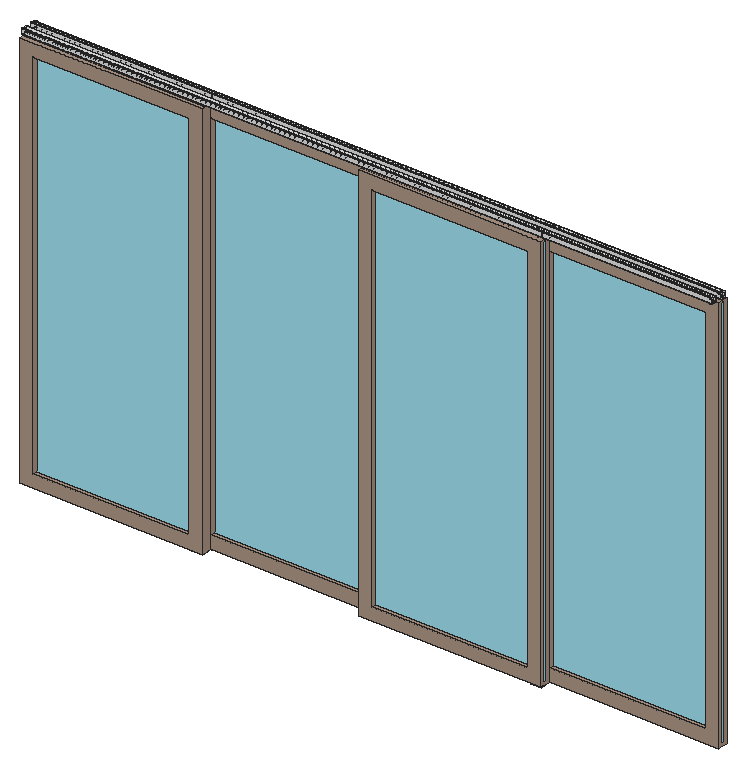
Revit family "4 Panel Slide SB4 XRDLP", category Doors, host Wall, Revit 2016
Family settings
  Host = Wall
  Always vertical = Yes
  Cut with Voids When Loaded = No
  Shared = No
  Room Calculation Point = No
Parameters (values of type "159"x 94 1/8"")
  URL = "www.raydoor.com"
  Type Image = SB4.jpg
  Thickness = 2 1/4"  # constant formula
  Rough Width = 1"  # constant formula
  Rough Height = 1" / 4  # 1/4"
  Model = "SB4"
  Function = Interior
  Door Material = Door - Panel
  Panel Material = Glass, Cast, Gray
  Height = 94 1/8"
  Trim Projection Ext = 63/64"  # constant formula
  Typ = 3"  # constant formula
  Wall Closure = By host
  Width = 159"
  Assembly Code = "SB4 XRDLP"
Reference planes (in)
  plane 1: y = 0
  plane 2: z = 0
  plane 3: x = 0
  plane 4: x = -79.5
  plane 5: x = 79.5
  plane 6: z = 94.125
  plane 7: z = 92.9375
  plane 8: x = 76.5
  plane 9: x = 78
  plane 10: x = -1.50001
  plane 11: x = -0.00001
  plane 12: x = 1.49999
  plane 13: x = -78
  plane 14: x = -76.5
  plane 15: y = 0.125
  plane 16: y = -2.375
  plane 17: y = 2.375
  plane 18: y = -0.125
  plane 19: x = -39
  plane 20: x = -37.5
  plane 21: x = -40.5
  plane 22: x = 39
  plane 23: x = 40.5
  plane 24: x = 37.5
Forms (in)
  Extrusion 1, solid, material "Door - Panel" <- "Door Material"
    sketch origin (-58, 2.62273, 0.25) x (1, 0, 0) y (0, 0, 1)
      loop
        line (56.49999, 92.125) -> (56.49999, 0.125) -> (98.5, 0.125) -> (98.5, 92.125) -> (56.49999, 92.125)
      loop
        line (59.49999, 89.125) -> (59.49999, 3.125) -> (95.5, 3.125) -> (95.5, 89.125) -> (59.49999, 89.125)
    from 2.74773 to 4.99609
  Extrusion 2, solid, material "Glass, Cast, Gray" <- "Panel Material"
    sketch origin (-57.74997, -27.47932, 0.25) x (1, 0, 0) y (0, 0, 1)
      loop
        line (56.24997, 92.125) -> (56.24997, 1) -> (98.24997, 1) -> (98.24997, 92.125) -> (56.24997, 92.125)
    from -26.35104 to -26.10268
  Extrusion 3, void
    sketch origin (-58, -9.64385, -90.75) x (1, 0, 0) y (0, 0, 1)
      loop
        line (56.49999, 92) -> (56.49999, 91.125) -> (98.5, 91.125) -> (98.5, 92) -> (56.49999, 92)
    from -8.51721 to -8.26885
  Extrusion 4, solid, material "Door - Panel" <- "Door Material"
    sketch origin (-99, 0.3721, 0.25) x (1, 0, 0) y (0, 0, 1)
      loop
        line (19.5, 92.125) -> (19.5, 0.125) -> (61.5, 0.125) -> (61.5, 92.125) -> (19.5, 92.125)
      loop
        line (22.5, 89.125) -> (22.5, 3.125) -> (58.5, 3.125) -> (58.5, 89.125) -> (22.5, 89.125)
    from 0.49874 to 2.7471
  Extrusion 5, solid, material "Glass, Cast, Gray" <- "Panel Material"
    sketch origin (-98.99995, -7.34164, 0.25) x (1, 0, 0) y (0, 0, 1)
      loop
        line (19.49995, 92.125) -> (19.49995, 1) -> (61.49995, 1) -> (61.49995, 92.125) -> (19.49995, 92.125)
    from -6.215 to -5.96664
  Extrusion 6, void
    sketch origin (-99, -14.51721, -90.75) x (1, 0, 0) y (0, 0, 1)
      loop
        line (19.5, 92) -> (19.5, 91.125) -> (61.5, 91.125) -> (61.5, 92) -> (19.5, 92)
    from -13.39057 to -13.14221
  Extrusion 7, solid, material "UHMW, White", detail levels medium+fine
    sketch origin (49.2777, -1.73342, 0.25) x (0, 1, 0) y (0, 0, 1)
      loop
        line (1.16928, -0.25) -> (1.16928, -0.0625) -> (0.60678, -0.0625) -> (0.60678, 0.75) -> (0.41928, 0.75) -> (0.41928, -0.0625) -> (-0.14322, -0.0625) -> (-0.14322, -0.25) -> (1.16928, -0.25)
      loop
        line (-0.04289, 93.65625) -> (-0.04289, 92.85447) -> (1.00562, 92.85447) -> (1.00562, 93.65625) -> (-0.04289, 93.65625)
    from -89.5277 to -87.0277
  Extrusion 8, solid, material "UHMW, White", detail levels medium+fine
    sketch origin (49.4027, 0.76658, 0.25) x (0, 1, 0) y (0, 0, 1)
      loop
        line (1.16928, -0.25) -> (1.16928, -0.0625) -> (0.60678, -0.0625) -> (0.60678, 0.75) -> (0.41928, 0.75) -> (0.41928, -0.0625) -> (-0.14322, -0.0625) -> (-0.14322, -0.25) -> (1.16928, -0.25)
      loop
        line (-0.04125, 93.65625) -> (-0.04125, 92.85447) -> (1.00726, 92.85447) -> (1.00726, 93.65625) -> (-0.04125, 93.65625)
    from -89.6527 to -87.1527
  Extrusion 9, solid, material "UHMW, White"
    sketch origin (0, 42.66856, -9.0893) x (0, 1, 0) y (0, 0, 1)
      loop
        line (-40.98125, 103.19868) -> (-41.00944, 103.2143) -> (-41.82807, 103.2143) -> (-41.85625, 103.19868)
        arc (-41.85625, 103.19868) -> (-41.80157, 103.14399) -> (-41.85625, 103.0893) r 0.05469
        line (-41.85625, 103.0893) -> (-41.98125, 103.0893)
        arc (-41.98125, 103.0893) -> (-42.00335, 103.08015) -> (-42.0125, 103.05805) r 0.03125
        line (-42.0125, 103.05805) -> (-42.0125, 102.01916)
        arc (-42.0125, 102.01916) -> (-42.00619, 102.00031) -> (-41.9898, 101.98907) r 0.0313
        line (-41.9898, 101.98907) -> (-41.79375, 101.93305) -> (-41.69219, 101.93305)
        arc (-41.69219, 101.93305) -> (-41.67401, 101.9417) -> (-41.66924, 101.96126) r 0.02344
        arc (-41.66924, 101.96126) -> (-41.67141, 101.97686) -> (-41.68296, 101.98757) r 0.02344
        line (-41.68296, 101.98757) -> (-41.93438, 102.0594) -> (-41.93438, 102.13127) -> (-41.95, 102.19377) -> (-41.95, 102.99555) -> (-41.80157, 103.006) -> (-41.70968, 103.12055) -> (-41.12783, 103.12055) -> (-41.03594, 103.006) -> (-40.8875, 102.99555) -> (-40.8875, 102.19377) -> (-40.90313, 102.13127) -> (-40.90313, 102.0594) -> (-41.15455, 101.98757)
        arc (-41.15455, 101.98757) -> (-41.1661, 101.97686) -> (-41.16826, 101.96126) r 0.02344
        arc (-41.16826, 101.96126) -> (-41.1635, 101.9417) -> (-41.14532, 101.93305) r 0.02344
        line (-41.14532, 101.93305) -> (-41.04375, 101.93305) -> (-40.84771, 101.98907)
        arc (-40.84771, 101.98907) -> (-40.83132, 102.00031) -> (-40.825, 102.01916) r 0.0313
        line (-40.825, 102.01916) -> (-40.825, 103.05805)
        arc (-40.825, 103.05805) -> (-40.83416, 103.08015) -> (-40.85625, 103.0893) r 0.03125
        line (-40.85625, 103.0893) -> (-40.98125, 103.0893)
        arc (-40.98125, 103.0893) -> (-41.03594, 103.14399) -> (-40.98125, 103.19868) r 0.05469
    from -79.5 to 79.5
  Extrusion 10, solid, material "UHMW, White"
    sketch origin (-41.44048, 1.65912, 94.125) x (0, -1, 0) y (1, 0, 0)
      loop
        circle (2.90868, 80.44048) r 0.125
    from -1.75 to -0.09375
  Extrusion 11, solid, material "UHMW, White"
    sketch origin (0, 40.4202, -9.0893) x (0, 1, 0) y (0, 0, 1)
      loop
        line (-41.23289, 103.19868) -> (-41.26108, 103.2143) -> (-42.07971, 103.2143) -> (-42.10789, 103.19868)
        arc (-42.10789, 103.19868) -> (-42.05321, 103.14399) -> (-42.10789, 103.0893) r 0.05469
        line (-42.10789, 103.0893) -> (-42.23289, 103.0893)
        arc (-42.23289, 103.0893) -> (-42.25499, 103.08015) -> (-42.26414, 103.05805) r 0.03125
        line (-42.26414, 103.05805) -> (-42.26414, 102.01916)
        arc (-42.26414, 102.01916) -> (-42.25783, 102.00031) -> (-42.24144, 101.98907) r 0.0313
        line (-42.24144, 101.98907) -> (-42.04539, 101.93305) -> (-41.94383, 101.93305)
        arc (-41.94383, 101.93305) -> (-41.92565, 101.9417) -> (-41.92088, 101.96126) r 0.02344
        arc (-41.92088, 101.96126) -> (-41.92305, 101.97686) -> (-41.9346, 101.98757) r 0.02344
        line (-41.9346, 101.98757) -> (-42.18602, 102.0594) -> (-42.18602, 102.13127) -> (-42.20164, 102.19377) -> (-42.20164, 102.99555) -> (-42.05321, 103.006) -> (-41.96132, 103.12055) -> (-41.37947, 103.12055) -> (-41.28758, 103.006) -> (-41.13914, 102.99555) -> (-41.13914, 102.19377) -> (-41.15477, 102.13127) -> (-41.15477, 102.0594) -> (-41.40619, 101.98757)
        arc (-41.40619, 101.98757) -> (-41.41774, 101.97686) -> (-41.4199, 101.96126) r 0.02344
        arc (-41.4199, 101.96126) -> (-41.41514, 101.9417) -> (-41.39696, 101.93305) r 0.02344
        line (-41.39696, 101.93305) -> (-41.29539, 101.93305) -> (-41.09935, 101.98907)
        arc (-41.09935, 101.98907) -> (-41.08296, 102.00031) -> (-41.07664, 102.01916) r 0.0313
        line (-41.07664, 102.01916) -> (-41.07664, 103.05805)
        arc (-41.07664, 103.05805) -> (-41.0858, 103.08015) -> (-41.10789, 103.0893) r 0.03125
        line (-41.10789, 103.0893) -> (-41.23289, 103.0893)
        arc (-41.23289, 103.0893) -> (-41.28758, 103.14399) -> (-41.23289, 103.19868) r 0.05469
    from -79.5 to 79.5
  Extrusion 12, solid, material "UHMW, White"
    sketch origin (-92.86615, -11.16274, 94.125) x (0, -1, 0) y (1, 0, 0)
      loop
        circle (-12.41356, 53.86615) r 0.125
    from -1.75 to 0
  Extrusion 13, solid, material "Door - Panel" <- "Door Material"
    sketch origin (-99, 2.87047, 0.25) x (1, 0, 0) y (0, 0, 1)
      loop
        line (58.5, 92.125) -> (58.5, 0.125) -> (100.49999, 0.125) -> (100.49999, 92.125) -> (58.5, 92.125)
      loop
        line (61.5, 89.125) -> (61.5, 3.125) -> (97.49999, 3.125) -> (97.49999, 89.125) -> (61.5, 89.125)
    from 0.4971 to 2.74547
  Extrusion 14, solid, material "Glass, Cast, Gray" <- "Panel Material"
    sketch origin (-98.99995, -4.84328, 0.25) x (1, 0, 0) y (0, 0, 1)
      loop
        line (58.49995, 92.125) -> (58.49995, 1) -> (100.49994, 1) -> (100.49994, 92.125) -> (58.49995, 92.125)
    from -6.21664 to -5.96828
  Extrusion 15, void
    sketch origin (-99, -12.01885, -90.75) x (1, 0, 0) y (0, 0, 1)
      loop
        line (58.5, 92) -> (58.5, 91.125) -> (100.49999, 91.125) -> (100.49999, 92) -> (58.5, 92)
    from -13.39221 to -13.14385
  Extrusion 16, solid, material "Door - Panel" <- "Door Material"
    sketch origin (-67, 2.87047, 0.25) x (1, 0, 0) y (0, 0, 1)
      loop
        line (104.5, 92.125) -> (104.5, 0.125) -> (146.5, 0.125) -> (146.5, 92.125) -> (104.5, 92.125)
      loop
        line (107.5, 89.125) -> (107.5, 3.125) -> (143.5, 3.125) -> (143.5, 89.125) -> (107.5, 89.125)
    from 0.4971 to 2.74547
  Extrusion 17, solid, material "Glass, Cast, Gray" <- "Panel Material"
    sketch origin (-66.99995, -4.59328, 0.25) x (1, 0, 0) y (0, 0, 1)
      loop
        line (104.49995, 92.125) -> (104.49995, 1) -> (146.49995, 1) -> (146.49995, 92.125) -> (104.49995, 92.125)
    from -5.96664 to -5.71828
  Extrusion 18, void
    sketch origin (-67, -12.01885, -90.75) x (1, 0, 0) y (0, 0, 1)
      loop
        line (104.5, 92) -> (104.5, 91.125) -> (146.5, 91.125) -> (146.5, 92) -> (104.5, 92)
    from -13.39221 to -13.14385
  Extrusion 19, solid, material "UHMW, White", detail levels medium+fine
    sketch origin (127.2777, 0.76658, 0.25) x (0, 1, 0) y (0, 0, 1)
      loop
        line (1.16928, -0.25) -> (1.16928, -0.0625) -> (0.60678, -0.0625) -> (0.60678, 0.75) -> (0.41928, 0.75) -> (0.41928, -0.0625) -> (-0.14322, -0.0625) -> (-0.14322, -0.25) -> (1.16928, -0.25)
      loop
        line (-0.04125, 93.65625) -> (-0.04125, 92.85447) -> (1.00726, 92.85447) -> (1.00726, 93.65625) -> (-0.04125, 93.65625)
    from -89.5277 to -87.0277
  Extrusion 20, solid, material "UHMW, White", detail levels medium+fine
    sketch origin (127.2777, -1.73342, 0.25) x (0, 1, 0) y (0, 0, 1)
      loop
        line (1.16928, -0.25) -> (1.16928, -0.0625) -> (0.60678, -0.0625) -> (0.60678, 0.75) -> (0.41928, 0.75) -> (0.41928, -0.0625) -> (-0.14322, -0.0625) -> (-0.14322, -0.25) -> (1.16928, -0.25)
      loop
        line (-0.04289, 93.65625) -> (-0.04289, 92.85447) -> (1.00562, 92.85447) -> (1.00562, 93.65625) -> (-0.04289, 93.65625)
    from -89.5277 to -87.0277
Cuts and joins
  Extrusion 3 cuts Extrusion 1
  Extrusion 3 cuts Extrusion 2
  Extrusion 6, Extrusion 15 cuts Extrusion 4
  Extrusion 6, Extrusion 15 cuts Extrusion 5
  Extrusion 15, Extrusion 18 cuts Extrusion 13
  Extrusion 15, Extrusion 18 cuts Extrusion 14
  Extrusion 18 cuts Extrusion 8
  Extrusion 18 cuts Extrusion 16
  Extrusion 18 cuts Extrusion 17
Lines and regions (in)
  Opening 1
    outline origin (-60, -2.99773, 144) x (0, 0, -1) y (1, 0, 0)
      loop
        line (49.875, -19.5) -> (144, -19.5) -> (144, 139.5) -> (49.875, 139.5) -> (49.875, -19.5)
  Masking region 1
    outline origin (-7.24693, 27.04592, 0) x (1, 0, 0) y (0, 1, 0)
      loop
        line (-30.25307, -29.42092) -> (-30.25307, -27.17092) -> (-72.25307, -27.17092) -> (-72.25307, -29.42092) -> (-30.25307, -29.42092)
  Masking region 2
    outline origin (-7.24693, 29.28975, 0) x (1, 0, 0) y (0, 1, 0)
      loop
        line (-30.25307, -29.16475) -> (-30.25307, -26.91475) -> (-72.25307, -26.91475) -> (-72.25307, -29.16475) -> (-30.25307, -29.16475)
  Masking region 3
    outline origin (41.75307, 34.80676, 0) x (1, 0, 0) y (0, 1, 0)
      loop
        line (37.74693, -37.18176) -> (37.74693, -34.93176) -> (-4.25307, -34.93176) -> (-4.25307, -37.18176) -> (37.74693, -37.18176)
  Masking region 4
    outline origin (41.75307, 37.05059, 0) x (1, 0, 0) y (0, 1, 0)
      loop
        line (37.74693, -36.92559) -> (37.74693, -34.67559) -> (-4.25307, -34.67559) -> (-4.25307, -36.92559) -> (37.74693, -36.92559)
  symbolic lines, style "Elevation Swing"
    curve 1: line (-29.5, 0, 37.98833) -> (-9.5, 0, 37.98833)
    curve 2: line (-9.5, 0, 32.79755) -> (-29.5, 0, 32.79755)
    curve 3: line (-29.5, 0, 37.98833) -> (-21.38007, 0, 40.48833)
    curve 4: line (-14.69616, 0, 29.79755) -> (-9.5, 0, 32.79755)
    curve 14: line (9.5, 0, 37.98833) -> (29.5, 0, 37.98833)
    curve 15: line (29.5, 0, 32.79755) -> (9.5, 0, 32.79755)
    curve 16: line (9.5, 0, 37.98833) -> (17.61992, 0, 40.48833)
    curve 17: line (24.30384, 0, 29.79755) -> (29.5, 0, 32.79755)
  symbolic lines, style "Plan Swing"
    curve 5: line (29.5, -14.55138, 0) -> (9.5, -14.55138, 0)
    curve 6: line (9.5, -14.55138, 0) -> (11.62132, -12.43006, 0)
    curve 7: line (29.5, -16.07036, 0) -> (8.71019, -16.07036, 0)
    curve 8: line (27.37868, -18.19168, 0) -> (29.5, -16.07036, 0)
    curve 10: line (-9.50001, -14.55138, 0) -> (-29.50001, -14.55138, 0)
    curve 11: line (-29.50001, -14.55138, 0) -> (-27.37869, -12.43006, 0)
    curve 12: line (-9.50001, -16.07036, 0) -> (-30.28981, -16.07036, 0)
    curve 13: line (-11.62133, -18.19168, 0) -> (-9.50001, -16.07036, 0)
  model lines
    curve 9: line (-79.5, 3.00227, 0) -> (79.5, 3.00227, 0)
Dimensions and locks (in)
  equal spacing: plane 4, plane 3, plane 5
  "Width": plane 4 to plane 5
  "Height": plane 6 to plane 2
  locked: plane 6 to plane 7 at 1.1875
  equal spacing: plane 8, plane 9, plane 5, locked at 1.5 each
  "Typ": plane 8 to plane 5
  equal spacing: plane 10, plane 11, plane 12, locked at 1.5 each
  "Typ": plane 10 to plane 12
  equal spacing: plane 11, plane 22, plane 9
  equal spacing: plane 13, plane 19, plane 11
  "Typ": Extrusion 1 sketch curve to Extrusion 1 sketch curve  (x2)
  locked: Extrusion 2 to Extrusion 2 at 0.24836
  locked: Extrusion 2 sketch curve to Extrusion 1 at 0.875
  locked: Extrusion 3 to Extrusion 3 at 0.24836
  "Typ": Extrusion 4 sketch curve to Extrusion 4 sketch curve  (x2)
  locked: Extrusion 5 to Extrusion 5 at 0.24836
  locked: Extrusion 4 to Extrusion 5 at 1
  locked: Extrusion 5 sketch curve to Extrusion 4 at 0.875
  locked: Extrusion 6 to Extrusion 6 at 0.24836
  locked: plane 15 to plane 18 at 0.25
  "Typ": plane 4 to plane 14
  "Thickness": plane 17 to plane 15
  "Thickness": plane 18 to plane 16
  equal spacing: plane 4, plane 13, plane 14
  locked: Extrusion 7 to Extrusion 7 at 2.5  (x2)
  Extrusion 7 sketch curve to Extrusion 7 sketch curve = 3/16"
  locked: Extrusion 7 sketch curve to Extrusion 7 sketch curve at 0.5625  (x2)
  locked: Extrusion 7 sketch curve to Extrusion 7 sketch curve at 0.1875
  locked: Extrusion 8 to Extrusion 8 at 2.5
  Extrusion 8 sketch curve to Extrusion 8 sketch curve = 3/16"
  locked: Extrusion 8 sketch curve to Extrusion 8 sketch curve at 0.5625  (x2)
  locked: Extrusion 8 sketch curve to Extrusion 8 sketch curve at 0.1875
  locked: cut or joined group of Extrusion 2, Extrusion 3 to plane 16 at 0.99836
  locked: plane 17 to Extrusion 12 sketch curve at 1.24918
  locked: Extrusion 10 sketch curve to plane 16 at 1.00044
  equal spacing: plane 21, plane 19, plane 20
  "Typ": plane 21 to plane 20
  equal spacing: plane 24, plane 22, plane 23
  "Typ": plane 24 to plane 23
  locked: plane 16 to cut or joined group of Extrusion 2, Extrusion 3 at 0.99836
  locked: cut or joined group of Extrusion 2, Extrusion 3 to plane 18 at 1.00164
  locked: cut or joined group of Extrusion 2, Extrusion 3 to cut or joined group of Extrusion 2, Extrusion 3 at 0.24836
  "Typ": Extrusion 13 sketch curve to Extrusion 13 sketch curve  (x2)
  locked: Extrusion 14 to Extrusion 14 at 0.24836
  locked: Extrusion 13 to Extrusion 14 at 1
  locked: Extrusion 14 sketch curve to Extrusion 13 at 0.875
  locked: Extrusion 15 to Extrusion 15 at 0.24836
  locked: cut or joined group of Extrusion 14, Extrusion 15, Extrusion 18 to plane 15 at 1
  "Typ": Extrusion 16 sketch curve to Extrusion 16 sketch curve  (x2)
  locked: Extrusion 17 to Extrusion 17 at 0.24836
  locked: Extrusion 16 to Extrusion 17 at 1
  locked: Extrusion 17 sketch curve to Extrusion 16 at 0.875
  locked: Extrusion 18 to Extrusion 18 at 0.24836
  locked: Extrusion 10 sketch curve to plane 23 at 1.375
  "Rough Height": plane 21 to Extrusion 7
  locked: Extrusion 19 to Extrusion 19 at 2.5
  Extrusion 19 sketch curve to Extrusion 19 sketch curve = 3/16"
  locked: Extrusion 19 sketch curve to Extrusion 19 sketch curve at 0.5625  (x2)
  locked: Extrusion 19 sketch curve to Extrusion 19 sketch curve at 0.1875
  "Rough Height": plane 24 to Extrusion 19
  locked: Extrusion 20 to Extrusion 20 at 2.5  (x2)
  Extrusion 20 sketch curve to Extrusion 20 sketch curve = 3/16"
  locked: Extrusion 20 sketch curve to Extrusion 20 sketch curve at 0.5625  (x2)
  locked: Extrusion 20 sketch curve to Extrusion 20 sketch curve at 0.1875
  "Rough Height": plane 24 to Extrusion 20
  "Rough Height": plane 20 to cut or joined group of Extrusion 8, Extrusion 18
  diameter of Extrusion 10 sketch curve = 1/4"
  diameter of Extrusion 12 sketch curve = 1/4"
  aligned and locked: plane 5 to curve 9
  aligned and locked: Opening 1 sketch curve to plane 5
  aligned and locked: Opening 1 sketch curve to plane 4
  aligned and locked: Extrusion 1 to Extrusion 2
  aligned and locked: Extrusion 1 to Extrusion 3  (x3)
  aligned and locked: Extrusion 4 to Extrusion 5
  aligned and locked: Extrusion 4 to Extrusion 6  (x3)
  aligned and locked: plane 4 to cut or joined group of Extrusion 4, Extrusion 6, Extrusion 15
  aligned and locked: plane 4 to cut or joined group of Extrusion 5, Extrusion 6, Extrusion 15
  aligned and locked: cut or joined group of Extrusion 4, Extrusion 6, Extrusion 15 to plane 14
  aligned and locked: plane 17 to Masking region 2
  aligned and locked: Masking region 2 to plane 15
  aligned and locked: Extrusion 7 sketch curve to Extrusion 7 sketch curve
  aligned and locked: cut or joined group of Extrusion 1, Extrusion 3 to Extrusion 7
  aligned and locked: Extrusion 10 to Extrusion 9
  aligned and locked: plane 4 to Extrusion 11
  aligned and locked: plane 4 to Extrusion 9
  aligned and locked: plane 4 to Masking region 1
  aligned and locked: plane 18 to Masking region 1
  aligned and locked: Masking region 1 to plane 16
  aligned and locked: Extrusion 4 to plane 20
  aligned and locked: cut or joined group of Extrusion 4, Extrusion 6, Extrusion 15 to Extrusion 5
  aligned and locked: cut or joined group of Extrusion 4, Extrusion 6, Extrusion 15 to plane 16
  aligned and locked: plane 18 to cut or joined group of Extrusion 4, Extrusion 6, Extrusion 15
  aligned and locked: plane 10 to cut or joined group of Extrusion 1, Extrusion 3
  aligned and locked: plane 10 to cut or joined group of Extrusion 2, Extrusion 3
  aligned and locked: cut or joined group of Extrusion 2, Extrusion 3 to plane 23
  aligned and locked: cut or joined group of Extrusion 1, Extrusion 3 to plane 23
  aligned and locked: cut or joined group of Extrusion 1, Extrusion 3 to plane 24
  aligned and locked: Masking region 1 to plane 20
  aligned and locked: cut or joined group of Extrusion 5, Extrusion 6, Extrusion 15 to Extrusion 6
  aligned and locked: Extrusion 13 to Extrusion 14
  aligned and locked: Extrusion 13 to Extrusion 15  (x3)
  aligned and locked: Extrusion 13 to Masking region 2
  aligned and locked: Masking region 2 to Extrusion 13
  aligned and locked: Extrusion 13 to plane 12
  aligned and locked: plane 10 to Extrusion 13
  aligned and locked: Extrusion 14 to plane 12
  aligned and locked: cut or joined group of Extrusion 13, Extrusion 15, Extrusion 18 to plane 20
  aligned and locked: cut or joined group of Extrusion 13, Extrusion 15, Extrusion 18 to plane 21
  aligned and locked: cut or joined group of Extrusion 14, Extrusion 15, Extrusion 18 to plane 21
  aligned and locked: cut or joined group of Extrusion 13, Extrusion 15, Extrusion 18 to Extrusion 8
  aligned and locked: Extrusion 4 to plane 21
  aligned and locked: plane 4 to Masking region 2
  aligned and locked: Masking region 2 to plane 20
  aligned and locked: Extrusion 16 to Extrusion 17
  aligned and locked: Extrusion 16 to Extrusion 18  (x3)
  aligned and locked: Extrusion 16 to plane 17
  aligned and locked: cut or joined group of Extrusion 16, Extrusion 18 to plane 15
  aligned and locked: cut or joined group of Extrusion 16, Extrusion 18 to plane 5
  aligned and locked: cut or joined group of Extrusion 17, Extrusion 18 to plane 5
  aligned and locked: plane 8 to cut or joined group of Extrusion 16, Extrusion 18
  aligned and locked: cut or joined group of Extrusion 16, Extrusion 18 to plane 23
  aligned and locked: cut or joined group of Extrusion 16, Extrusion 18 to plane 24
  aligned and locked: cut or joined group of Extrusion 17, Extrusion 18 to plane 24
  aligned and locked: Masking region 3 to plane 16
  aligned and locked: Masking region 3 to plane 18
  aligned and locked: Masking region 3 to plane 5
  aligned and locked: Masking region 3 to plane 24
  aligned and locked: Masking region 4 to plane 15
  aligned and locked: Masking region 4 to plane 17
  aligned and locked: Masking region 4 to plane 5
  aligned and locked: Masking region 4 to plane 24
  aligned and locked: Extrusion 11 to plane 5
  aligned and locked: Extrusion 9 to plane 5
  aligned and locked: Extrusion 20 sketch curve to Extrusion 20 sketch curve
Automatic sketch dimensions
  curve 16 to plane 12 = 8"
  level to curve 16 = 37.98833"
  curve 3 to plane 20 = 8"
  level to curve 3 = 37.98833"
  curve 17 to plane 24 = 8"
  curve 14 to curve 17 = 5.19077"
  curve 1 to curve 2 = 5.19077"
  plane 10 to curve 2 = 8"
  curve 3 to plane 20 = 16.11993"
  curve 3 to curve 1 = 2 1/2"
  curve 16 to plane 12 = 16.11993"
  curve 16 to curve 14 = 2 1/2"
  curve 17 to plane 24 = 13.19615"
  curve 15 to curve 17 = 3"
  plane 10 to curve 4 = 13.19615"
  curve 2 to curve 4 = 3"
  curve 1 to curve 2 = 0"  (x2)
  curve 14 to curve 15 = 0"  (x2)
  Opening 1 sketch curve to plane 6 = 0"
  Opening 1 sketch curve to level = 0"
  curve 11 to plane 20 = 8"
  plane 10 to curve 12 = 8"
  curve 6 to plane 12 = 8"
  curve 7 to plane 24 = 8"
  host wall to curve 8 = 13.07263"
  host wall to curve 13 = 13.07263"
  curve 12 to curve 10 = 1.51898"
  curve 7 to curve 5 = 1.51898"
  curve 12 to curve 10 = 0.7898"
  curve 10 to curve 11 = 2.12132"  (x2)
  curve 13 to curve 12 = 2.12132"  (x2)
  curve 10 to curve 12 = 0"
  curve 7 to curve 5 = 0.7898"
  curve 5 to curve 6 = 2.12132"  (x2)
  curve 8 to curve 7 = 2.12132"  (x2)
  curve 5 to curve 7 = 0"
  curve 9 to level = 0"
  plane 4 to curve 9 = 0"
  Masking region 1 sketch curve to plane 4 = 0"
  Masking region 1 sketch curve to plane 18 = 0"
  Masking region 1 sketch curve to plane 20 = 0"
  Masking region 1 sketch curve to plane 16 = 0"
  Masking region 2 sketch curve to plane 4 = 0"
  Masking region 2 sketch curve to plane 17 = 0"
  Masking region 2 sketch curve to plane 20 = 0"
  Masking region 2 sketch curve to plane 15 = 0"
  plane 10 to Extrusion 2 sketch curve = 0"
  plane 23 to Extrusion 2 sketch curve = 0"
  plane 7 to Extrusion 2 sketch curve = 9/16"
  plane 10 to Extrusion 3 sketch curve = 0"
  plane 23 to Extrusion 3 sketch curve = 0"
  level to Extrusion 3 sketch curve = 3/8"
  Extrusion 3 sketch curve to Extrusion 3 sketch curve = 7/8"
  plane 4 to Extrusion 5 sketch curve = 0"
  plane 20 to Extrusion 5 sketch curve = 0"
  plane 7 to Extrusion 5 sketch curve = 9/16"
  plane 4 to Extrusion 6 sketch curve = 0"
  plane 20 to Extrusion 6 sketch curve = 0"
  level to Extrusion 6 sketch curve = 3/8"
  Extrusion 6 sketch curve to Extrusion 6 sketch curve = 7/8"
  Extrusion 7 sketch curve to level = 0"
  plane 16 to Extrusion 7 sketch curve = 0.49836"
  Extrusion 7 sketch curve to plane 7 = 0.16697"
  plane 16 to Extrusion 7 sketch curve = 0.59869"
  plane 6 to Extrusion 7 sketch curve = 7/32"
  Extrusion 7 sketch curve to plane 18 = 0.6028"
  Extrusion 7 sketch curve to Extrusion 7 sketch curve = 13/16"
  Extrusion 8 sketch curve to level = 0"
  plane 15 to Extrusion 8 sketch curve = 0.49836"
  Extrusion 8 sketch curve to plane 7 = 0.16697"
  plane 15 to Extrusion 8 sketch curve = 0.60033"
  plane 6 to Extrusion 8 sketch curve = 7/32"
  Extrusion 8 sketch curve to plane 17 = 0.60116"
  level to Extrusion 8 sketch curve = 3/16"
  Extrusion 8 sketch curve to Extrusion 8 sketch curve = 13/16"
  plane 6 to Extrusion 9 sketch curve = 0"
  plane 7 to Extrusion 9 sketch curve = 0.00764"  (x2)
  plane 15 to Extrusion 9 sketch curve = 0.53106"
  plane 7 to Extrusion 9 sketch curve = 0.03774"  (x2)
  Extrusion 9 sketch curve to Extrusion 9 sketch curve = 0.0227"
  Extrusion 9 sketch curve to Extrusion 9 sketch curve = 1/32"  (x3)
  Extrusion 9 sketch curve to plane 7 = 0.10447"
  Extrusion 9 sketch curve to Extrusion 9 sketch curve = 1/64"  (x2)
  Extrusion 9 sketch curve to Extrusion 9 sketch curve = 1/8"
  Extrusion 9 sketch curve to Extrusion 9 sketch curve = 0.02819"  (x2)
  plane 6 to Extrusion 9 sketch curve = 0.20831"  (x2)
  Extrusion 9 sketch curve to Extrusion 9 sketch curve = 7/128"  (x3)
  plane 7 to Extrusion 9 sketch curve = 3/32"  (x2)
  Extrusion 9 sketch curve to Extrusion 9 sketch curve = 9/64"  (x2)
  plane 6 to Extrusion 9 sketch curve = 3/32"
  Extrusion 9 sketch curve to Extrusion 9 sketch curve = 0.09189"  (x2)
  Extrusion 9 sketch curve to Extrusion 9 sketch curve = 13/128"  (x2)
  Extrusion 9 sketch curve to Extrusion 9 sketch curve = 0"  (x2)
  plane 7 to Extrusion 9 sketch curve = 0.03924"  (x2)
  Extrusion 9 sketch curve to Extrusion 9 sketch curve = 0.00923"  (x2)
  Extrusion 9 sketch curve to Extrusion 9 sketch curve = 0.52841"
  Extrusion 9 sketch curve to Extrusion 9 sketch curve = 0.58185"
  Extrusion 9 sketch curve to Extrusion 9 sketch curve = 0.11839"
  Extrusion 9 sketch curve to plane 7 = 0.0326"  (x2)
  Extrusion 9 sketch curve to plane 7 = 0.16697"
  Extrusion 9 sketch curve to Extrusion 9 sketch curve = 0.04683"
  Extrusion 9 sketch curve to Extrusion 9 sketch curve = 0.0086"
  Extrusion 9 sketch curve to Extrusion 9 sketch curve = 3/128"  (x2)
  Extrusion 9 sketch curve to Extrusion 9 sketch curve = 0.00953"  (x2)
  Extrusion 9 sketch curve to Extrusion 9 sketch curve = 1/16"  (x4)
  Extrusion 9 sketch curve to Extrusion 9 sketch curve = 0.01044"  (x2)
  plane 6 to Extrusion 11 sketch curve = 0"
  plane 7 to Extrusion 11 sketch curve = 0.00764"  (x2)
  plane 16 to Extrusion 11 sketch curve = 0.53106"
  plane 7 to Extrusion 11 sketch curve = 0.03774"  (x2)
  Extrusion 11 sketch curve to Extrusion 11 sketch curve = 0.0227"
  Extrusion 11 sketch curve to Extrusion 11 sketch curve = 1/32"  (x3)
  Extrusion 11 sketch curve to plane 7 = 0.10447"
  Extrusion 11 sketch curve to Extrusion 11 sketch curve = 1/64"  (x2)
  Extrusion 11 sketch curve to Extrusion 11 sketch curve = 1/8"
  Extrusion 11 sketch curve to Extrusion 11 sketch curve = 0.02819"  (x2)
  plane 6 to Extrusion 11 sketch curve = 0.20831"  (x2)
  Extrusion 11 sketch curve to Extrusion 11 sketch curve = 7/128"  (x3)
  plane 7 to Extrusion 11 sketch curve = 3/32"  (x2)
  Extrusion 11 sketch curve to Extrusion 11 sketch curve = 9/64"  (x2)
  plane 6 to Extrusion 11 sketch curve = 3/32"
  Extrusion 11 sketch curve to Extrusion 11 sketch curve = 0.09189"  (x2)
  Extrusion 11 sketch curve to Extrusion 11 sketch curve = 13/128"  (x2)
  Extrusion 11 sketch curve to Extrusion 11 sketch curve = 0"  (x2)
  plane 7 to Extrusion 11 sketch curve = 0.03924"  (x2)
  Extrusion 11 sketch curve to Extrusion 11 sketch curve = 0.00923"  (x2)
  Extrusion 11 sketch curve to Extrusion 11 sketch curve = 0.52841"
  Extrusion 11 sketch curve to Extrusion 11 sketch curve = 0.58185"
  Extrusion 11 sketch curve to Extrusion 11 sketch curve = 0.11839"
  Extrusion 11 sketch curve to plane 7 = 0.0326"  (x2)
  Extrusion 11 sketch curve to plane 7 = 0.16697"
  Extrusion 11 sketch curve to Extrusion 11 sketch curve = 0.04683"
  Extrusion 11 sketch curve to Extrusion 11 sketch curve = 0.0086"
  Extrusion 11 sketch curve to Extrusion 11 sketch curve = 3/128"  (x2)
  Extrusion 11 sketch curve to Extrusion 11 sketch curve = 0.00953"  (x2)
  Extrusion 11 sketch curve to Extrusion 11 sketch curve = 1/16"  (x4)
  Extrusion 11 sketch curve to Extrusion 11 sketch curve = 0.01044"  (x2)
  Extrusion 9 to Extrusion 12 sketch curve = 40 1/2"
  Extrusion 14 sketch curve to plane 21 = 0"
  plane 12 to Extrusion 14 sketch curve = 0"
  plane 7 to Extrusion 14 sketch curve = 9/16"
  Extrusion 15 sketch curve to plane 21 = 0"
  plane 12 to Extrusion 15 sketch curve = 0"
  level to Extrusion 15 sketch curve = 3/8"
  Extrusion 15 sketch curve to Extrusion 15 sketch curve = 7/8"
  Extrusion 17 sketch curve to plane 24 = 0"
  plane 5 to Extrusion 17 sketch curve = 0"
  plane 7 to Extrusion 17 sketch curve = 9/16"
  Extrusion 18 sketch curve to plane 24 = 0"
  plane 5 to Extrusion 18 sketch curve = 0"
  level to Extrusion 18 sketch curve = 3/8"
  Extrusion 18 sketch curve to Extrusion 18 sketch curve = 7/8"
  Masking region 3 sketch curve to plane 16 = 0"
  Masking region 3 sketch curve to plane 24 = 0"
  Masking region 3 sketch curve to plane 5 = 0"
  plane 18 to Masking region 3 sketch curve = 0"
  Masking region 4 sketch curve to plane 15 = 0"
  Masking region 4 sketch curve to plane 24 = 0"
  Masking region 4 sketch curve to plane 5 = 0"
  plane 17 to Masking region 4 sketch curve = 0"
  Extrusion 19 sketch curve to level = 0"
  plane 15 to Extrusion 19 sketch curve = 0.49836"
  Extrusion 19 sketch curve to plane 7 = 0.16697"
  plane 15 to Extrusion 19 sketch curve = 0.60033"
  plane 6 to Extrusion 19 sketch curve = 7/32"
  Extrusion 19 sketch curve to plane 17 = 0.60116"
  level to Extrusion 19 sketch curve = 3/16"
  Extrusion 19 sketch curve to Extrusion 19 sketch curve = 13/16"
  Extrusion 20 sketch curve to level = 0"
  plane 16 to Extrusion 20 sketch curve = 0.49836"
  Extrusion 20 sketch curve to plane 7 = 0.16697"
  plane 16 to Extrusion 20 sketch curve = 0.59869"
  plane 6 to Extrusion 20 sketch curve = 7/32"
  Extrusion 20 sketch curve to plane 18 = 0.6028"
  Extrusion 20 sketch curve to Extrusion 20 sketch curve = 13/16"
  plane 10 to Extrusion 1 sketch curve = 0"
  Extrusion 1 sketch curve to plane 24 = 0"
  plane 23 to Extrusion 1 sketch curve = 0"
  plane 12 to Extrusion 1 sketch curve = 0"
  level to Extrusion 1 sketch curve = 3/8"
  plane 7 to Extrusion 1 sketch curve = 3 9/16"
  plane 4 to Extrusion 4 sketch curve = 0"
  plane 14 to Extrusion 4 sketch curve = 0"
  Extrusion 4 sketch curve to plane 21 = 0"
  plane 20 to Extrusion 4 sketch curve = 0"
  level to Extrusion 4 sketch curve = 3/8"
  plane 7 to Extrusion 4 sketch curve = 3 9/16"
  Extrusion 13 sketch curve to plane 21 = 0"
  plane 20 to Extrusion 13 sketch curve = 0"
  plane 10 to Extrusion 13 sketch curve = 0"
  plane 12 to Extrusion 13 sketch curve = 0"
  level to Extrusion 13 sketch curve = 3/8"
  plane 7 to Extrusion 13 sketch curve = 3 9/16"
  Extrusion 16 sketch curve to plane 24 = 0"
  plane 23 to Extrusion 16 sketch curve = 0"
  plane 8 to Extrusion 16 sketch curve = 0"
  plane 5 to Extrusion 16 sketch curve = 0"
  level to Extrusion 16 sketch curve = 3/8"
  plane 7 to Extrusion 16 sketch curve = 3 9/16"
